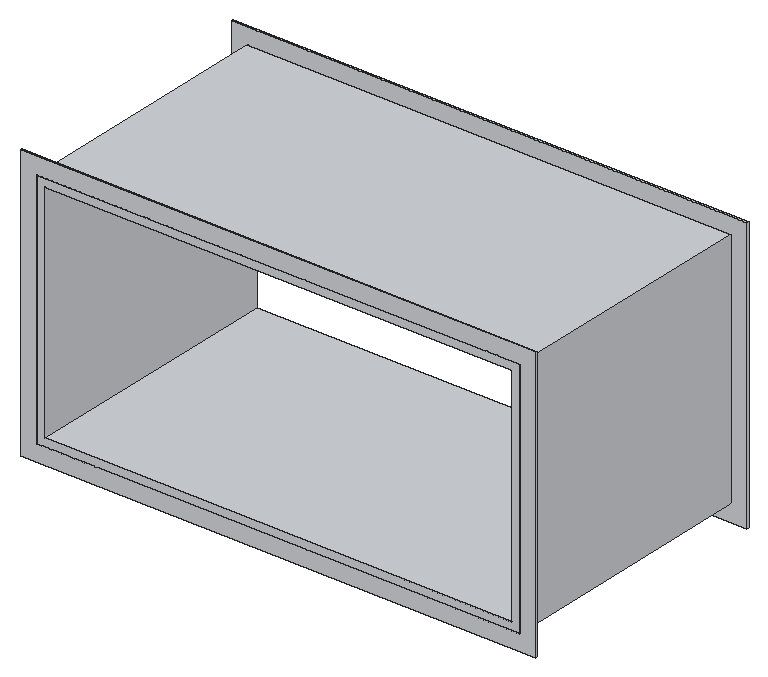
Revit family "Фильтр карманный DFKRU", category Оборудование, Revit 2022
Family settings
  Размер круглого соединителя = Использовать диаметр
  Тип детали = Нормальный
  На основе рабочей плоскости = Нет
  Всегда вертикально = Нет
  При загрузке вырезать с полостями = Нет
  Сохранять ориентацию аннотаций = Нет
  Общий = Нет
  Точка принадлежности помещению = Нет
Parameters (values of type "DFKRU 60-30")
  Отметка по умолчанию = 0 mm
  Изготовитель = "WAER"  # constant formula
  Keynote = ""
  URL = "https://waer-air.com/"
  ADSK_Фильтрующая вставка = • : G3
  ADSK_Система_Имя [instance] = ""
  ADSK_Расход воздуха = 0.0 m³/s
  ADSK_Размер_Ширина = 600 mm
  ADSK_Размер_Длина = 330 mm
  ADSK_Размер_Высота = 300 mm
  ADSK_Потеря давления воздуха = 0.0 Pa
  ADSK_Наименование краткое = "DFKRU 60-30"
  ADSK_Наименование = "Фильтр карманный укороченный DFKRU 60-30"
  ADSK_Масса_Текст = "11"
  ADSK_Масса = 11
  ADSK_Марка = ""
  ADSK_Количество = 1  # constant formula
  ADSK_Код изделия = ""
  ADSK_Завод-изготовитель = "WAER"  # constant formula
  ADSK_Единица измерения = "шт."  # constant formula
Types (9, lengths in mm): name | ADSK_Размер_Ширина | ADSK_Размер_Длина | ADSK_Размер_Высота | ADSK_Наименование краткое | ADSK_Наименование | ADSK_Масса_Текст | ADSK_Масса
  DFKRU 40-20 | 400 | 330 | 200 | "DFKRU 40-20" | "Фильтр карманный укороченный DFKRU 40-20" | "6.8" | 6.8
  DFKRU 50-25 | 500 | 330 | 250 | "DFKRU 50-25" | "Фильтр карманный укороченный DFKRU 50-25" | "9.4" | 9.4
  DFKRU 50-30 | 500 | 330 | 300 | "DFKRU 50-30" | "Фильтр карманный укороченный DFKRU 50-30" | "10.2" | 10.2
  DFKRU 60-30 | 600 | 330 | 300 | "DFKRU 60-30" | "Фильтр карманный укороченный DFKRU 60-30" | "11" | 11
  DFKRU 60-35 | 600 | 330 | 350 | "DFKRU 60-35" | "Фильтр карманный укороченный DFKRU 60-35" | "11.2" | 11.2
  DFKRU 70-40 | 700 | 330 | 400 | "DFKRU 70-40" | "Фильтр карманный укороченный DFKRU 70-40" | "14.2" | 14.2
  DFKRU 80-50 | 800 | 330 | 500 | "DFKRU 80-50" | "Фильтр карманный укороченный DFKRU 80-50" | "23.4" | 23.4
  DFKRU 90-50 | 900 | 340 | 500 | "DFKRU 90-50" | "Фильтр карманный укороченный DFKRU 90-50" | "26" | 26
  DFKRU 100-50 | 1000 | 340 | 500 | "DFKRU 100-50" | "Фильтр карманный укороченный DFKRU 100-50" | "27.6" | 27.6
Reference planes
  plane 1 "По центру (Вперед/Назад)": y = 0
  plane 2: z = 0
  plane 3 "По центру (Влево/Вправо)": x = 0
  plane 4: x = -300
  plane 5: x = 300
  plane 6: z = -150
  plane 7: z = 150
  plane 8: y = -165
  plane 9: y = 165
Forms (mm)
  Extrusion 1, solid
    sketch origin (0, 0, 0) x (1, 0, 0) y (0, 0, 1)
      loop
        line (-300, 150) -> (-300, -150) -> (300, -150) -> (300, 150) -> (-300, 150)
      loop
        line (-290, 140) -> (-290, -140) -> (290, -140) -> (290, 140) -> (-290, 140)
    from -165 to 165
  Sweep 2, solid
    path in 3D
      loop
        line (-300, -165, 150) -> (-300, -165, -150) -> (300, -165, -150) -> (300, -165, 150) -> (-300, -165, 150)
    profile origin (0, -165, 150) x (0, -1, 0) y (0, 0, 1)
      loop
        line (0, 0) -> (0, 20) -> (-2, 20) -> (-2, 0) -> (0, 0)
  Sweep 3, solid
    path in 3D
      loop
        line (300, 165, 150) -> (300, 165, -150) -> (-300, 165, -150) -> (-300, 165, 150) -> (300, 165, 150)
    profile origin (0, 165, 150) x (0, 1, 0) y (0, 0, 1)
      loop
        line (0, 0) -> (0, 20) -> (-2, 20) -> (-2, 0) -> (0, 0)
Lines and regions (mm)
  sketch lines
    curve 1: line (300, -165, 150) -> (-300, -165, 150)
    curve 2: line (-300, -165, 150) -> (-300, -165, -150)
    curve 3: line (-300, -165, -150) -> (300, -165, -150)
    curve 4: line (300, -165, -150) -> (300, -165, 150)
    curve 5: line (-300, 165, 150) -> (300, 165, 150)
    curve 6: line (300, 165, 150) -> (300, 165, -150)
    curve 7: line (300, 165, -150) -> (-300, 165, -150)
    curve 8: line (-300, 165, -150) -> (-300, 165, 150)
Dimensions and locks
  equal spacing: plane 5, plane 3 "По центру (Влево/Вправо)", plane 4
  "ADSK_Размер_Ширина": plane 5 to plane 4
  equal spacing: plane 7, plane 2, plane 6
  "ADSK_Размер_Высота": plane 7 to plane 6
  equal spacing: plane 9, plane 1 "По центру (Вперед/Назад)", plane 8
  "ADSK_Размер_Длина": plane 9 to plane 8
  locked: Extrusion 1 sketch curve to Extrusion 1 sketch curve at 10  (x4)
  plane 8 to plane 9 = 330 mm
  aligned and locked: level to plane 2
  aligned and locked: Extrusion 1 sketch curve to plane 7
  aligned and locked: plane 4 to Extrusion 1 sketch curve
  aligned and locked: plane 6 to Extrusion 1 sketch curve
  aligned and locked: Extrusion 1 sketch curve to plane 5
  aligned and locked: plane 9 to Extrusion 1
  aligned and locked: Extrusion 1 to plane 8
Automatic sketch dimensions
  Sweep 2 sketch curve to profile plane = 0 mm  (x2)
  profile plane to Sweep 2 sketch curve = 2 mm
  profile plane to Sweep 2 sketch curve = 20 mm
  Sweep 3 sketch curve to profile plane = 0 mm  (x2)
  profile plane to Sweep 3 sketch curve = 2 mm
  profile plane to Sweep 3 sketch curve = 20 mm
Connectors
  hvac at (0, -165, 0), driven by "ADSK_Размер_Высота", driven by "ADSK_Размер_Ширина"
    settings: on Extrusion 1, index 1, duct flow 0.0 m³/s, flow factor 0, pres drop 0.0 Pa, loss coef 0, conn angle 0.00°, conn width 600 mm, conn height 300 mm, conn diameter 609.6 mm, duct sys type 29, conn prof type 1, flow config 2, flow direction 0, loss method 0, conn ref index 2, conn util no, is conn primary yes, conn desc ""
  hvac at (0, 165, 0), driven by "ADSK_Размер_Высота", driven by "ADSK_Размер_Ширина"
    settings: on Extrusion 1, index 2, duct flow 0.0 m³/s, flow factor 0, pres drop 0.0 Pa, loss coef 0, conn angle 0.00°, conn width 600 mm, conn height 300 mm, conn diameter 609.6 mm, duct sys type 29, conn prof type 1, flow config 2, flow direction 0, loss method 0, conn ref index 1, conn util no, is conn primary no, conn desc ""
